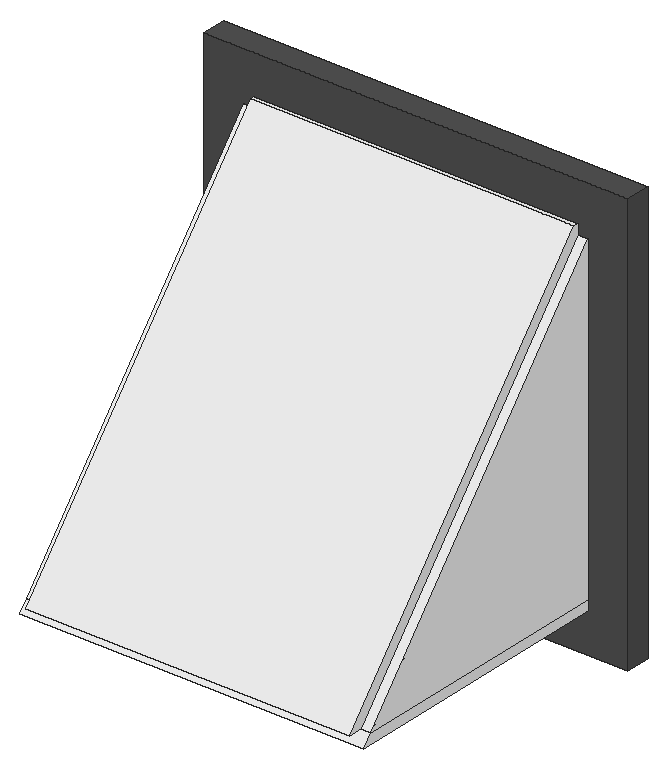
Revit family "Arandela de parede - Fixada", category Luminárias, Revit 2019
Family settings
  Hospedeiro = Parede
  Cota do conector redondo = Utilizar diâmetro
  Tipo de parte = Normal
  Número OmniClass = 23.80.70.00
  Título OmniClass = Lighting
  Sempre na vertical = Sim
  Corte com vazios quando carregada = Sim
  Fonte luminosa = Sim
  Compartilhado = Não
  Ponto de cálculo do ambiente = Não
Parameters (values of type "Iluminação de caminho - Quadrada fixada")
  Largura = 85 mm
  Wattage = 25 W
  built-in parameter 1150110 = 1 (stored number, unit not read)
  built-in parameter 1114217 = 1 (stored number, unit not read)
  Tilt Angle = 60.00°
  built-in parameter 1150109 = 1 (stored number, unit not read)
  built-in parameter 1150134 = (empty or 0)
  built-in parameter 1150113 = 1 (stored number, unit not read)
  built-in parameter 1010507 = 0.7854 (stored number, unit not read)
  built-in parameter 1010506 = 0.5236 (stored number, unit not read)
  Material de sombra = Vidro, Branco, Alta Luminosidade
  Altura de montagem = 400 mm
  Lumens = 3713.55 lm
  built-in parameter 1150115 = 1 (stored number, unit not read)
  built-in parameter 1150105 = 13044.7 (stored number, unit not read)
  Comprimento do símbolo da fonte luminosa = Altura de montagem  # 400 mm
  built-in parameter 1150137 = (empty or 0)
  built-in parameter 1150139 = (empty or 0)
  Material da luminária = Metal - Alum
  built-in parameter 1150112 = 1 (stored number, unit not read)
  built-in parameter 1150114 = 1 (stored number, unit not read)
  built-in parameter 1150132 = (empty or 0)
  built-in parameter 1150102 = (empty or 0)
  built-in parameter 1150138 = (empty or 0)
  built-in parameter 1150107 = 3000 (stored number, unit not read)
  built-in parameter 1150106 = 130.45 (stored number, unit not read)
  Largura da estrutura = 10 mm
  Material da moldura = Metal - Cromo
  built-in parameter 1150104 = 13.8 (stored number, unit not read)
  Troca de temperatura da cor de lâmpada com esmaecimento = <Nenhum>
  Linear = (Largura - 2 * Largura da estrutura) / (tan(90.00° - Ângulo)) + 20 mm  # 74.541 mm
  Color Filter = 16777215
  built-in parameter 1114218 = 1 (stored number, unit not read)
  built-in parameter 1150133 = 10 (stored number, unit not read)
  Ângulo = 40.00°
Reference planes
  plane 1: y = 0
  plane 2 "Eixo de origem da luz (E/D)": x = 125
  plane 3 "Eixo da fonte de luz (F/T)": y = 112.729
  plane 4 "Elevação da origem da luz": z = 390
  plane 5: z = -6
  plane 6: z = 394
  plane 7: z = 402
  plane 8: z = 317
  plane 9: z = 325
  plane 10: x = 167.5
  plane 11: x = 82.5
  plane 12: x = 159.5
  plane 13: x = 90.5
  plane 14: y = 155
  plane 15: y = 150
  plane 16: z = 392
  plane 17: x = 157.5
  plane 18: x = 92.5
  plane 19: z = 327
  plane 20: y = 75.459
  plane 21: z = 359.5
  plane 22: z = 329
  plane 23: y = 152
Forms (mm)
  Extrusion 1, solid, material "Metal - Cromo" <- "Material da moldura"
    sketch origin (0, 112.729, 0) x (1, 0, 0) y (0, 0, 1)
      loop
        line (167.5, 402) -> (82.5, 402) -> (82.5, 317) -> (167.5, 317) -> (167.5, 402)
      loop
        line (157.5, 392) -> (92.5, 392) -> (92.5, 327) -> (157.5, 327) -> (157.5, 392)
    from -42.271 to -37.271
  Extrusion 2, void
    sketch origin (125, 0, 0) x (0, 1, 0) y (0, 0, 1)
      loop
        line (150, 394) -> (75.459, 394) -> (75.459, 325) -> (150, 325) -> (150, 394)
    from -34.5 to 34.5
  Extrusion 3, solid, material "Metal - Alum" <- "Material da luminária"
    sketch origin (125, 0, 0) x (0, 1, 0) y (0, 0, 1)
      loop
        line (150, 325) -> (150, 327) -> (95.459, 327) -> (93.78, 325) -> (150, 325)
    from -34.5 to 34.5
  Extrusion 4, solid, material "Metal - Alum" <- "Material da luminária"
    sketch origin (125, 0, 0) x (0, 1, 0) y (0, 0, 1)
      loop
        line (150, 327) -> (150, 392) -> (95.459, 327) -> (150, 327)
    from 32.5 to 34.5
  Extrusion 5, solid, material "Metal - Alum" <- "Material da luminária"
    sketch origin (125, 0, 0) x (0, 1, 0) y (0, 0, 1)
      loop
        line (150, 327) -> (150, 392) -> (95.459, 327) -> (150, 327)
    from -34.5 to -32.5
  Extrusion 6, solid, material "Metal - Alum" <- "Material da luminária"
    sketch origin (125, 0, 0) x (0, 1, 0) y (0, 0, 1)
      loop
        line (150, 394) -> (149.067, 394) -> (92.848, 327) -> (95.459, 327) -> (150, 392) -> (150, 394)
    from -32.5 to 32.5
  Extrusion 7, solid, material "Vidro, Branco, Alta Luminosidade" <- "Material de sombra"
    sketch origin (0, 112.729, 0) x (1, 0, 0) y (0, 0, 1)
      loop
        line (157.5, 392) -> (92.5, 392) -> (92.5, 327) -> (157.5, 327) -> (157.5, 392)
    from -39.271 to -37.271
Lines and regions (mm)
  reference lines
    curve 1: line (125, 150, 392) -> (125, -81.404, 116.224)
    curve 2: line (125, 153.492, 399.273) -> (125, -87.967, 111.514)
Text (mm)
  text "Lado da coloca玢o" at (-1787.139, 1116.779, 0), in view "Nível de referência"
  text "Lado da coloca玢o" at (0, 2110.396, 2986.058), in view "Esquerda"
  text "Lado da coloca玢o" at (0, 628.478, 3011.967), in view "Direita"
Dimensions and locks
  "Altura de montagem": plane 5 to plane 6
  "Largura": plane 8 to plane 7
  equal spacing: plane 11, plane 2 "Eixo de origem da luz (E/D)", plane 10
  "Largura": plane 11 to plane 10
  locked: plane 16 to plane 6 at 2
  locked: plane 9 to plane 19 at 2
  locked: plane 13 to plane 18 at 2
  locked: plane 17 to plane 12 at 2
  "Largura da estrutura": plane 17 to plane 10
  "Largura da estrutura": plane 11 to plane 18
  "Largura da estrutura": plane 16 to plane 7
  "Largura da estrutura": plane 8 to plane 19
  "Linear": plane 15 to plane 20
  equal spacing: plane 15, plane 3 "Eixo da fonte de luz (F/T)", plane 20
  locked: plane 14 to plane 15 at 5
  locked: plane 4 "Elevação da origem da luz" to plane 16 at 2
  equal spacing: plane 16, plane 21, plane 19
  locked: curve 2 to curve 1 at 2
  locked: plane 19 to plane 22 at 2
  locked: plane 23 to plane 15 at 2
  "Ângulo": angle plane 15 to curve 1
  aligned and locked: plane 1 to host wall
  aligned and locked: plane 8 to Extrusion 1 sketch curve
  aligned and locked: plane 11 to Extrusion 1 sketch curve
  aligned and locked: Extrusion 1 sketch curve to plane 7
  aligned and locked: Extrusion 1 sketch curve to plane 10
  aligned and locked: plane 15 to host wall
  aligned and locked: plane 14 to Extrusion 1
  aligned and locked: Extrusion 1 to plane 15
  aligned and locked: Extrusion 1 sketch curve to plane 16
  aligned and locked: Extrusion 1 sketch curve to plane 18
  aligned and locked: plane 17 to Extrusion 1 sketch curve
  aligned and locked: plane 19 to Extrusion 1 sketch curve
  aligned and locked: Extrusion 2 sketch curve to plane 20
  aligned and locked: plane 9 to Extrusion 2 sketch curve
  aligned and locked: Extrusion 2 sketch curve to plane 6
  aligned and locked: Extrusion 2 sketch curve to plane 15
  aligned and locked: plane 13 to Extrusion 2
  aligned and locked: Extrusion 2 to plane 12
  aligned and locked: plane 22 to imposter light
  aligned and locked: imposter light to plane 3 "Eixo da fonte de luz (F/T)"
  aligned and locked: plane 9 to Extrusion 3 sketch curve
  aligned and locked: plane 15 to Extrusion 3 sketch curve
  aligned and locked: plane 19 to Extrusion 3 sketch curve
  aligned and locked: curve 1 to Extrusion 3 sketch curve
  aligned and locked: plane 15 to Extrusion 4 sketch curve
  aligned and locked: plane 19 to Extrusion 4 sketch curve
  aligned and locked: Extrusion 4 sketch curve to curve 1
  aligned and locked: plane 19 to Extrusion 5 sketch curve
  aligned and locked: plane 15 to Extrusion 5 sketch curve
  aligned and locked: Extrusion 5 sketch curve to Extrusion 4
  aligned and locked: plane 6 to Extrusion 6 sketch curve
  aligned and locked: plane 15 to Extrusion 6 sketch curve
  aligned and locked: Extrusion 6 sketch curve to Extrusion 5
  aligned and locked: curve 2 to Extrusion 6 sketch curve
  aligned and locked: plane 19 to Extrusion 6 sketch curve
  aligned and locked: plane 13 to Extrusion 5
  aligned and locked: Extrusion 5 to plane 18
  aligned and locked: Extrusion 4 to plane 12
  aligned and locked: plane 17 to Extrusion 4
  aligned and locked: plane 13 to Extrusion 3
  aligned and locked: Extrusion 3 to plane 12
  aligned and locked: Extrusion 6 to plane 17
  aligned and locked: plane 18 to Extrusion 6
  aligned and locked: plane 16 to Extrusion 7 sketch curve
  aligned and locked: plane 17 to Extrusion 7 sketch curve
  aligned and locked: plane 18 to Extrusion 7 sketch curve
  aligned and locked: plane 19 to Extrusion 7 sketch curve
  aligned and locked: Extrusion 7 to plane 23
  aligned and locked: Extrusion 7 to plane 15
Automatic sketch dimensions
  curve 1 to host wall = 0 mm
  curve 1 to plane 16 = 0 mm
  curve 2 to curve 1 = 6.563 mm
  curve 2 to plane 14 = 1.508 mm
